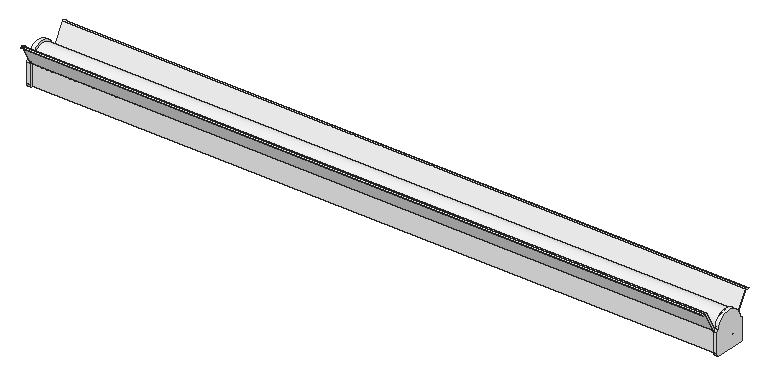
Revit family "0045203+0045235 Feilo Sylvania Lighting Fixture SYLBATTEN LED8 NW TP4 E3 with SYMMETRIC REFLECTOR ACCESSORY 1500MM", category Lighting Fixtures, host Face, Revit 2017
Family settings
  Host = Face
  Round Connector Dimension = Use Diameter
  Part Type = Normal
  OmniClass Number = 23.80.70.00
  OmniClass Title = Lighting
  Cut with Voids When Loaded = No
  Light Source = Yes
  Shared = No
  Room Calculation Point = No
Parameters (values of type "0045203 Emergency mode")
  Width_FEILO = 66 mm
  Weight = "3.7 kg"
  Wattage Comments = "n/a"
  Wattage = 81.9672 W
  WarrantyStartDate [instance] = "n/a"
  WarrantyGuarantorParts = "n/a"
  WarrantyDurationUnit = "n/a"
  WarrantyDurationParts = "n/a"
  WarrantyDescription = "n/a"
  built-in parameter 1150110 = 1 (stored number, unit not read)
  Voltage = 230 V
  URL = "http://www.sylvania-lighting.com"
  TypeName = "SYLBATTEN LED8 NW TP4 E3"
  Type Image = <None>
  Type Comments = "n/a"
  built-in parameter 1114217 = 1 (stored number, unit not read)
  Tilt Angle = -90.00°
  built-in parameter 1150109 = 1 (stored number, unit not read)
  built-in parameter 1150134 = 12
  SymReflector_FEILO = yes
  built-in parameter 1150113 = 1 (stored number, unit not read)
  SerialNumber [instance] = "n/a"
  PowerFactor = 0
  PowerConsumption = "81.9 W"
  Photometric Web File = "0045203+0045235.ies"
  NominalLength = 1505 mm
  NominalHeight = 91 mm
  NominalDepth = 122 mm
  Name = "SYLBATTEN LED8 NW TP4 E3"
  ModelReference = Name  # "SYLBATTEN LED8 NW TP4 E3"
  ModelNumber = "0045203"
  Model = Name  # "SYLBATTEN LED8 NW TP4 E3"
  Material_4_FEILO = Reflector-Sylvania-Sylbatten-White
  Material_3_FEILO = Diffuser-Sylvania-Sylbatten-Glow
  Material_2_FEILO = Body-Sylvania-Sylbatten-White
  Material_1_FEILO = Body-Sylvania-Sylbatten-White
  Material = "sheet steel housing, polycarbonate diffuser"
  ManufacturerName = "Feilo Sylvania"
  Manufacturer = "Feilo Sylvania"
  LuminousEfficacy = "101.8 lm/W"
  built-in parameter 1150105 = 156.81 (stored number, unit not read)
  Lumens = 450 lm
  LuminaireType = ""
  built-in parameter 1150115 = 1 (stored number, unit not read)
  LightOutputRatio = "100"
  built-in parameter 1150137 = (empty or 0)
  built-in parameter 1150139 = (empty or 0)
  Length_FEILO = 1505 mm
  LampsType = Lamp  # "LED"
  LampNominalLuminous = "450 lm"
  LampMacAdamStep = "n/a"
  LampColourTemperature = "4000 K"
  LampColourRenderingIndex = "80"
  built-in parameter 1150112 = 1 (stored number, unit not read)
  built-in parameter 1150114 = 1 (stored number, unit not read)
  Lamp = "LED"
  Keynote = "16500"
  InstallationDate [instance] = "n/a"
  InputVoltage = "220-240V~"
  InputNominalFrequency = "n/a"
  built-in parameter 1150132 = (empty or 0)
  built-in parameter 1150102 = (empty or 0)
  built-in parameter 1150107 = 4000 (stored number, unit not read)
  built-in parameter 1150138 = (empty or 0)
  IngressProtection = "IP20"
  ImpactProtectionIndex = "IK07"
  built-in parameter 1150106 = 1.5681 (stored number, unit not read)
  IfcExportType = "IfcLightFixtureType"
  IfcExportAs = "IfcLightFixtureType"
  Height_FEILO = 76 mm
  ExpectedLife = 50000
  Emit from Rectangle Width = Length_FEILO - 16 mm  # 1489 mm
  Emit from Rectangle Length = Width_FEILO - 40 mm  # 26 mm
  Emit Shape Visible in Rendering = no
  ElectricShockClassification = "Class I"
  built-in parameter 1150104 = 0.51004 (stored number, unit not read)
  DurationUnit = "hours"
  DocumentationLiterature = "http://www.sylvania-lighting.com/product/en-int/products/0045203"
  DimmingControlOptions = "n/a"
  Dimming Lamp Color Temperature Shift = <None>
  Description = "LED batten, T8 replacement, ease of installation through 2 part push-in design of the housing (safety cable included), through wiring capability (TP4 = 4 core), sheet steel, 8348M, 79W, 106lm/W, 4000K, drive current: 450mA, CRI 80, 138° wide beam angle, electronic driver (non dimmable), integral 3 hour maintained emergency, IP20, IK07, 50,000 hrs (L70), (LxWxH) 1505x66x76mm, 5 step MacAdam ellipse, 3.7kg, white RAL9016, Class 1, 220-240V, energy class: A++, A+, A."
  Default Elevation = 1219.2 mm
  CreatedOn = "1/25/2018"
  CreatedBy = ""
  Cost = 0
  Color Filter = 16777215
  built-in parameter 1114216 [instance] = (empty or 0)
  ClassificationValue = "EF_70_80"
  ClassificationName = "Uniclass2015"
  CapOffset_FEILO = 2 mm
  BarCode [instance] = "n/a"
  built-in parameter 1114218 = 1 (stored number, unit not read)
  BackReflector_FEILO = and(not(AsymReflector_FEILO), SymReflector_FEILO)  # yes
  built-in parameter 1150133 = 10 (stored number, unit not read)
  FrontReflector_FEILO = or(AsymReflector_FEILO, SymReflector_FEILO)  # yes
  AsymReflector_FEILO = no
  AssetType = "Fixed"
  AssetIdentifier [instance] = "n/a"
  Assembly Code = "D5020200"
  Apparent Load = 81.9672 VA
Types (2, lengths in mm): name | Wattage | PowerConsumption | built-in parameter 1150105 | Lumens | LampNominalLuminous | built-in parameter 1150106 | built-in parameter 1150104 | Apparent Load
  0045203 Emergency mode | 81.9672 W | "81.9 W" | 156.81 (stored number, unit not read) | 450 lm | "450 lm" | 1.5681 (stored number, unit not read) | 0.51004 (stored number, unit not read) | 81.9672 VA
  0045203 SYLBATTEN LED8 NW TP4 E3 | 82 W | "82 W" | 664.28 (stored number, unit not read) | 8347.6 lm | "8348 lm" | 6.6428 (stored number, unit not read) | 9.4575 (stored number, unit not read) | 82 VA
Reference planes
  plane 1 "Center (Front/Back)": y = 0
  plane 2: z = 0
  plane 3 "Center (Left/Right)": x = 0
  plane 4: x = 752.5
  plane 5: x = -752.5
  plane 6: y = 33
  plane 7: y = -33
  plane 8: z = 76
  plane 9: z = 47
  plane 10: y = -29
  plane 11: y = 29
  plane 12: z = 20
  plane 13: z = 74
  plane 14: y = -31
  plane 15: y = -27
  plane 16: y = 27
  plane 17: y = 31
  plane 18: z = 2
  plane 19: x = -744.5
  plane 20: x = 744.5
  plane 21: z = 49
  plane 22: y = 1
  plane 23: y = -1
  plane 24: z = 21
  plane 25: z = 19
  plane 26: y = -61
  plane 27: y = 61
  plane 28: y = -56
  plane 29: y = 56
  plane 30: z = 91
  plane 31: z = 88
Forms (mm)
  Extrusion 1, solid, material "Body-Sylvania-Sylbatten-White" <- "Material_2_FEILO"
    sketch origin (0, 0, 0) x (0, 1, 0) y (0, 0, 1)
      loop
        line (-31, 2) -> (31, 2) -> (31, 45)
        arc (31, 45) -> (30.414, 46.414) -> (29, 47) r 2
        line (29, 47) -> (27, 47)
        arc (27, 47) -> (0, 74) -> (-27, 47) r 27
        line (-27, 47) -> (-29, 47)
        arc (-29, 47) -> (-30.414, 46.414) -> (-31, 45) r 2
        line (-31, 45) -> (-31, 2)
    from -744.5 to 744.5
  Extrusion 2, solid, material "Body-Sylvania-Sylbatten-White" <- "Material_2_FEILO"
    sketch origin (752.5, 1524, 1219.2) x (0, 1, 0) y (0, 0, 1)
      loop
        arc (-1494, -1219.2) -> (-1491.879, -1218.321) -> (-1491, -1216.2) r 3
        line (-1491, -1216.2) -> (-1491, -1173.2)
        arc (-1491, -1173.2) -> (-1491.879, -1171.079) -> (-1494, -1170.2) r 3
        line (-1494, -1170.2) -> (-1495.069, -1170.2)
        arc (-1495.069, -1170.2) -> (-1524, -1143.2) -> (-1552.931, -1170.2) r 29
        line (-1552.931, -1170.2) -> (-1554, -1170.2)
        arc (-1554, -1170.2) -> (-1556.121, -1171.079) -> (-1557, -1173.2) r 3
        line (-1557, -1173.2) -> (-1557, -1216.2)
        arc (-1557, -1216.2) -> (-1556.121, -1218.321) -> (-1554, -1219.2) r 3
        line (-1554, -1219.2) -> (-1494, -1219.2)
      loop
        arc (-1525, -1189.25) -> (-1531.071, -1192.129) -> (-1533.95, -1198.2) r 10
        line (-1533.95, -1198.2) -> (-1532.944, -1198.2)
        arc (-1532.944, -1198.2) -> (-1530.364, -1192.836) -> (-1525, -1190.256) r 9
        line (-1525, -1190.256) -> (-1525, -1189.25)
      loop
        arc (-1523, -1190.256) -> (-1517.636, -1192.836) -> (-1515.056, -1198.2) r 9
        line (-1515.056, -1198.2) -> (-1514.05, -1198.2)
        arc (-1514.05, -1198.2) -> (-1516.929, -1192.129) -> (-1523, -1189.25) r 10
        line (-1523, -1189.25) -> (-1523, -1190.256)
      loop
        line (-1532.944, -1200.2) -> (-1533.95, -1200.2)
        arc (-1533.95, -1200.2) -> (-1531.071, -1206.271) -> (-1525, -1209.15) r 10
        line (-1525, -1209.15) -> (-1525, -1208.144)
        arc (-1525, -1208.144) -> (-1530.364, -1205.564) -> (-1532.944, -1200.2) r 9
      loop
        arc (-1515.056, -1200.2) -> (-1517.636, -1205.564) -> (-1523, -1208.144) r 9
        line (-1523, -1208.144) -> (-1523, -1209.15)
        arc (-1523, -1209.15) -> (-1516.929, -1206.271) -> (-1514.05, -1200.2) r 10
        line (-1514.05, -1200.2) -> (-1515.056, -1200.2)
    from 0 to -8
  Extrusion 3, solid, material "Body-Sylvania-Sylbatten-White" <- "Material_2_FEILO"
    sketch origin (-752.5, 1524, 1219.2) x (0, 1, 0) y (0, 0, 1)
      loop
        arc (-1495.069, -1170.2) -> (-1524, -1143.2) -> (-1552.931, -1170.2) r 29
        line (-1552.931, -1170.2) -> (-1554, -1170.2)
        arc (-1554, -1170.2) -> (-1556.121, -1171.079) -> (-1557, -1173.2) r 3
        line (-1557, -1173.2) -> (-1557, -1216.2)
        arc (-1557, -1216.2) -> (-1556.121, -1218.321) -> (-1554, -1219.2) r 3
        line (-1554, -1219.2) -> (-1494, -1219.2)
        arc (-1494, -1219.2) -> (-1491.879, -1218.321) -> (-1491, -1216.2) r 3
        line (-1491, -1216.2) -> (-1491, -1173.2)
        arc (-1491, -1173.2) -> (-1491.879, -1171.079) -> (-1494, -1170.2) r 3
        line (-1494, -1170.2) -> (-1495.069, -1170.2)
      loop
        line (-1533.95, -1198.2) -> (-1532.944, -1198.2)
        arc (-1532.944, -1198.2) -> (-1530.364, -1192.836) -> (-1525, -1190.256) r 9
        line (-1525, -1190.256) -> (-1525, -1189.25)
        arc (-1525, -1189.25) -> (-1531.071, -1192.129) -> (-1533.95, -1198.2) r 10
      loop
        line (-1523, -1189.25) -> (-1523, -1190.256)
        arc (-1523, -1190.256) -> (-1517.636, -1192.836) -> (-1515.056, -1198.2) r 9
        line (-1515.056, -1198.2) -> (-1514.05, -1198.2)
        arc (-1514.05, -1198.2) -> (-1516.929, -1192.129) -> (-1523, -1189.25) r 10
      loop
        line (-1514.05, -1200.2) -> (-1515.056, -1200.2)
        arc (-1515.056, -1200.2) -> (-1517.636, -1205.564) -> (-1523, -1208.144) r 9
        line (-1523, -1208.144) -> (-1523, -1209.15)
        arc (-1523, -1209.15) -> (-1516.929, -1206.271) -> (-1514.05, -1200.2) r 10
      loop
        line (-1525, -1209.15) -> (-1525, -1208.144)
        arc (-1525, -1208.144) -> (-1530.364, -1205.564) -> (-1532.944, -1200.2) r 9
        line (-1532.944, -1200.2) -> (-1533.95, -1200.2)
        arc (-1533.95, -1200.2) -> (-1531.071, -1206.271) -> (-1525, -1209.15) r 10
    from 0 to 8
  Extrusion 4, solid, material "Reflector-Sylvania-Sylbatten-White" <- "Material_4_FEILO", visible <- "FrontReflector_FEILO"
    sketch origin (0, 0, 0) x (0, 1, 0) y (0, 0, 1)
      loop
        line (-61.257, 88.429) -> (-60.743, 87.571) -> (-56.621, 90.044)
        arc (-56.621, 90.044) -> (-56.237, 90.099) -> (-55.929, 89.863) r 0.5
        line (-55.929, 89.863) -> (-31.435, 46.753) -> (-30.565, 47.247) -> (-55.312, 90.802)
        arc (-55.312, 90.802) -> (-55.928, 91.275) -> (-56.696, 91.165) r 1
        line (-56.696, 91.165) -> (-61.257, 88.429)
    from -744.5 to 744.5
  Extrusion 5, solid, material "Reflector-Sylvania-Sylbatten-White" <- "Material_4_FEILO", visible <- "BackReflector_FEILO"
    sketch origin (0, 0, 0) x (0, 1, 0) y (0, 0, 1)
      loop
        line (30.565, 47.247) -> (31.435, 46.753) -> (55.932, 89.868)
        arc (55.932, 89.868) -> (56.245, 90.112) -> (56.638, 90.062) r 0.518
        line (56.638, 90.062) -> (61.033, 87.565) -> (61.527, 88.435) -> (56.682, 91.188)
        arc (56.682, 91.188) -> (55.922, 91.282) -> (55.318, 90.812) r 1
        line (55.318, 90.812) -> (30.565, 47.247)
    from -744.5 to 744.5
Lines and regions (mm)
  reference lines
    curve 1: line (0, -61, 88) -> (0, -56, 91)
    curve 2: line (0, -56, 91) -> (0, -31, 47)
    curve 3: line (0, 31, 47) -> (0, 56, 91)
    curve 4: line (0, 56, 91) -> (0, 61.28, 88)
Dimensions and locks
  equal spacing: plane 5, plane 3 "Center (Left/Right)", plane 4
  equal spacing: plane 7, plane 1 "Center (Front/Back)", plane 6
  "Width_FEILO": plane 7 to plane 6
  "Length_FEILO": plane 5 to plane 4
  "Height_FEILO": plane 8 to plane 2
  locked: plane 9 to plane 8 at 29
  equal spacing: plane 10, plane 1 "Center (Front/Back)", plane 11
  locked: plane 7 to plane 10 at 4
  locked: plane 12 to plane 2 at 20
  "CapOffset_FEILO": plane 13 to plane 8
  "CapOffset_FEILO": plane 7 to plane 14
  "CapOffset_FEILO": plane 10 to plane 15
  "CapOffset_FEILO": plane 17 to plane 6
  "CapOffset_FEILO": plane 16 to plane 11
  "CapOffset_FEILO": plane 18 to plane 2
  locked: plane 14 to Extrusion 1 sketch curve at 2
  locked: Extrusion 1 sketch curve to plane 9 at 2  (x2)
  locked: plane 16 to Extrusion 1 sketch curve at 2
  equal spacing: plane 19, plane 3 "Center (Left/Right)", plane 20
  locked: plane 5 to plane 19 at 8
  "CapOffset_FEILO": plane 9 to plane 21
  locked: Extrusion 2 sketch curve to plane 2 at 47
  locked: Extrusion 1 sketch curve to plane 2 at 47
  locked: Extrusion 2 sketch curve to plane 2 at 3  (x2)
  locked: plane 7 to Extrusion 2 sketch curve at 3  (x2)
  locked: Extrusion 2 sketch curve to plane 6 at 3  (x2)
  locked: Extrusion 2 sketch curve to plane 21 at 3  (x2)
  equal spacing: plane 23, plane 1 "Center (Front/Back)", plane 22
  equal spacing: plane 25, plane 12, plane 24
  plane 30 to plane 31 to plane 2 = 3 mm locked, 88 mm locked
  plane 28 to plane 29 = 112 mm
  plane 26 to plane 27 = 122 mm
  aligned and locked: plane 2 to host face
  aligned and locked: level to host face
  aligned and locked: plane 18 to Extrusion 1 sketch curve
  aligned and locked: plane 14 to Extrusion 1 sketch curve
  aligned and locked: Extrusion 1 sketch curve to plane 9  (x2)
  aligned and locked: Extrusion 1 sketch curve to plane 17
  aligned and locked: plane 15 to Extrusion 1 sketch curve
  aligned and locked: plane 16 to Extrusion 1 sketch curve
  aligned and locked: plane 9 to Extrusion 1 sketch curve
  aligned and locked: plane 20 to Extrusion 1
  aligned and locked: level to Extrusion 2 sketch curve
  aligned and locked: Extrusion 2 sketch curve to plane 7
  aligned and locked: plane 21 to Extrusion 2 sketch curve
  aligned and locked: Extrusion 2 sketch curve to plane 21
  aligned and locked: plane 1 "Center (Front/Back)" to Extrusion 2 sketch curve  (x3)
  aligned and locked: Extrusion 2 to Extrusion 1
  aligned and locked: plane 4 to Extrusion 2
  aligned and locked: plane 12 to Extrusion 2 sketch curve  (x2)
  aligned and locked: Extrusion 2 sketch curve to plane 22
  aligned and locked: Extrusion 2 sketch curve to plane 23
  aligned and locked: Extrusion 2 sketch curve to plane 24
  aligned and locked: Extrusion 2 sketch curve to plane 25
  aligned and locked: plane 25 to Extrusion 2 sketch curve
  aligned and locked: plane 22 to Extrusion 2 sketch curve
  aligned and locked: plane 24 to Extrusion 2 sketch curve
  aligned and locked: plane 23 to Extrusion 2 sketch curve  (x2)
  aligned and locked: Extrusion 3 sketch curve to Extrusion 2  (x22)
  aligned and locked: Extrusion 3 to Extrusion 1
  aligned and locked: Extrusion 3 to plane 5
  aligned and locked: plane 19 to Extrusion 3
  aligned and locked: plane 31 to curve 1
  aligned and locked: plane 30 to curve 1
  aligned and locked: plane 14 to curve 2
  aligned and locked: plane 9 to curve 2
  aligned and locked: plane 17 to curve 3
  aligned and locked: plane 30 to curve 3
  aligned and locked: plane 31 to curve 4
  aligned and locked: Extrusion 4 sketch curve to curve 2
  aligned and locked: Extrusion 4 sketch curve to curve 1
  aligned and locked: Extrusion 4 to Extrusion 1
  aligned and locked: Extrusion 1 to Extrusion 4
  aligned and locked: imposter light to plane 1 "Center (Front/Back)"
  aligned and locked: imposter light to plane 3 "Center (Left/Right)"
  aligned and locked: imposter light to plane 13
  aligned and locked: Extrusion 5 sketch curve to curve 4
  aligned and locked: Extrusion 5 sketch curve to curve 3
  aligned and locked: Extrusion 1 to Extrusion 5
  aligned and locked: Extrusion 5 to Extrusion 1
Automatic sketch dimensions
  host sketch curve to host sketch curve = 2438.4 mm  (x2)
  Extrusion 2 sketch curve to Extrusion 2 sketch curve = 0 mm  (x14)
  Extrusion 2 sketch curve to plane 10 = 0.069 mm
  plane 23 to Extrusion 2 sketch curve = 8.95 mm
  Extrusion 2 sketch curve to Extrusion 2 sketch curve = 1.006 mm  (x4)
  Extrusion 2 sketch curve to plane 22 = 7.944 mm
  curve 1 to plane 26 = 0 mm
  curve 2 to plane 28 = 0 mm
  curve 4 to plane 29 = 0 mm
  plane 9 to curve 3 = 0 mm
  plane 26 to Extrusion 4 sketch curve = 0.257 mm
  Extrusion 4 sketch curve to plane 26 = 0.257 mm
  Extrusion 4 sketch curve to plane 30 = 0.165 mm
  plane 28 to Extrusion 4 sketch curve = 0.696 mm
  plane 28 to Extrusion 4 sketch curve = 0.621 mm
  plane 28 to Extrusion 4 sketch curve = 0.364 mm
  plane 28 to Extrusion 4 sketch curve = 0.182 mm
  Extrusion 4 sketch curve to plane 28 = 0.071 mm
  plane 30 to Extrusion 4 sketch curve = 0.198 mm
  Extrusion 4 sketch curve to plane 28 = 0.688 mm
  plane 9 to Extrusion 4 sketch curve = 0.247 mm
  plane 1 "Center (Front/Back)" to Extrusion 4 sketch curve = 31.435 mm
  Extrusion 5 sketch curve to plane 9 = 0.247 mm
  Extrusion 5 sketch curve to plane 1 "Center (Front/Back)" = 30.565 mm
  plane 9 to Extrusion 5 sketch curve = 0.247 mm
  plane 30 to Extrusion 5 sketch curve = 0.188 mm
  plane 29 to Extrusion 5 sketch curve = 0.068 mm
  Extrusion 5 sketch curve to plane 29 = 0.188 mm
  Extrusion 5 sketch curve to plane 29 = 0.382 mm
  Extrusion 5 sketch curve to Extrusion 5 sketch curve = 0.256 mm
  Extrusion 5 sketch curve to plane 30 = 0.188 mm
  Extrusion 5 sketch curve to plane 29 = 0.682 mm
  Extrusion 5 sketch curve to plane 27 = 0.033 mm
  Extrusion 5 sketch curve to plane 27 = 0.527 mm
Connectors
  electrical at (0, 0, 0), driven by "Apparent Load", driven by "PowerFactor", driven by "Voltage"
    settings: index 1, voltage 230 V, apparent load 81.9672 VA, apparent load phase1 0 VA, apparent load phase2 0 VA, apparent load phase3 0 VA, power factor 0, load classification "Lighting", number of poles 1, system type 30, power factor state 1, is connector primary yes, connector utility no, sub classification motor no, connector description ""
